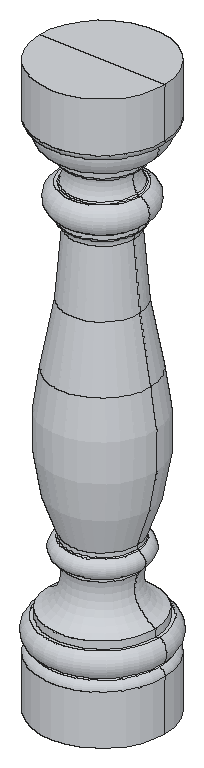
Revit family
Parameters (values of type "Balustrade G30")
  Width = 0' - 6 1/2"
  URL = "www.strombergarchitectural.com"
  Top Material = none
  Submittal Sheet = "www.strombergarchitectural.com/images/materials/gfrc/submittal/gfrc-submittal-sheet.pdf"
  Specifications = "www.strombergarchitectural.com/gfrcspecifications"
  Model Cut-sheet = "http://www.strombergarchitectural.com/products/balustrade/design/G30"
  Model = "Balustrade G30"
  Manufacturer = "Stromberg Architectural Products"
  Guidebook = "www.strombergarchitectural.com/images/materials/gfrc/handbooks/gfrc_guidebook.pdf   \r\n(http://www.strombergarchitectural.com/images/materials/gfrc/handbooks/gfrc_guidebook.pdf"
  Description = "GFRC Baluster"
  Assembly Code = ""
  Height = 2' - 6"
  XXX.5 = no
  XXX.4 = no
  XXX.3 = no
  XXX.2 = no
  XXX.1 = yes
Reference planes (in)
  plane 1 "Center (Front/Back)": y = 3.74847
  plane 2: z = 0
  plane 3 "Center (Left/Right)": x = 0.7278
  plane 4 "Front": y = -3.25153
  plane 5 "Back": y = 10.74847
  plane 6 "Left": x = -17.2722
  plane 7 "Right": x = 18.7278
Forms (in)
  Revolve 1, solid
    sketch origin (0, 3.74847, 0) x (1, 0, 0) y (0, 0, 1)
      loop
        line (0.7278, 29.99999) -> (-2.5222, 29.99999) -> (-2.5222, 27.39582)
        arc (-2.5222, 27.39582) -> (-2.41954, 27.18598) -> (-2.2097, 27.08332) r 0.36002
        arc (-2.2097, 27.08332) -> (-1.92754, 26.32029) -> (-1.2097, 25.93749) r 1.1445
        line (-1.2097, 25.93749) -> (-1.17051, 25.5642)
        arc (-1.17051, 25.5642) -> (-1.15325, 25.53258) -> (-1.12047, 25.51766) r 0.05692
        arc (-1.12047, 25.51766) -> (-1.01577, 25.48645) -> (-0.93047, 25.4182) r 0.28541
        arc (-0.93047, 25.4182) -> (-0.86685, 24.90594) -> (-1.03448, 24.41772) r 1.14609
        arc (-1.03448, 24.41772) -> (-1.06421, 24.38797) -> (-1.10426, 24.37512) r 0.0893
        line (-1.10426, 24.37512) -> (-1.23348, 24.37512)
        arc (-1.23348, 24.37512) -> (-1.70569, 23.69992) -> (-1.23348, 23.02471) r 0.71883
        arc (-1.23348, 23.02471) -> (-1.19613, 23.00932) -> (-1.17845, 22.973) r 0.05681
        line (-1.17845, 22.973) -> (-1.17845, 22.73518)
        arc (-1.17845, 22.73518) -> (-1.17135, 22.71106) -> (-1.15338, 22.69347) r 0.04989
        arc (-1.15338, 22.69347) -> (-0.96963, 22.52805) -> (-0.8972, 22.29166) r 0.463
        line (-0.8972, 22.29166) -> (-1.18592, 18.95833)
        arc (-1.18592, 18.95833) -> (-1.45994, 17.35949) -> (-1.78725, 15.7707) r 48.52592
        arc (-1.78725, 15.7707) -> (-2.06888, 11.94129) -> (-1.0847, 8.22981) r 11.59737
        line (-1.0847, 8.22981) -> (-1.0847, 8.02069)
        arc (-1.0847, 8.02069) -> (-1.10394, 7.98307) -> (-1.14367, 7.96869) r 0.05764
        arc (-1.14367, 7.96869) -> (-1.49413, 7.52469) -> (-1.14382, 7.08058) r 0.45658
        arc (-1.14382, 7.08058) -> (-1.10593, 7.06589) -> (-1.0847, 7.03125) r 0.06352
        line (-1.0847, 7.03125) -> (-1.0847, 6.88232)
        arc (-1.0847, 6.88232) -> (-1.07535, 5.57439) -> (-2.03671, 4.6875) r 1.61686
        line (-2.03671, 4.6875) -> (-2.03671, 4.32291) -> (-2.21718, 4.32291)
        arc (-2.21718, 4.32291) -> (-2.59244, 3.70053) -> (-2.21718, 3.07815) r 0.70375
        arc (-2.21718, 3.07815) -> (-2.19914, 3.03062) -> (-2.22976, 2.99004) r 0.05258
        arc (-2.22976, 2.99004) -> (-2.43663, 2.84307) -> (-2.5222, 2.60417) r 0.42309
        line (-2.5222, 2.60417) -> (-2.5222, 0) -> (0.7278, 0) -> (0.7278, 29.99999)
      axis (0.7278, 29.99999) -> (0.7278, 0)
    angle from 0 to 360
Dimensions and locks (in)
  aligned and locked: level to plane 2
